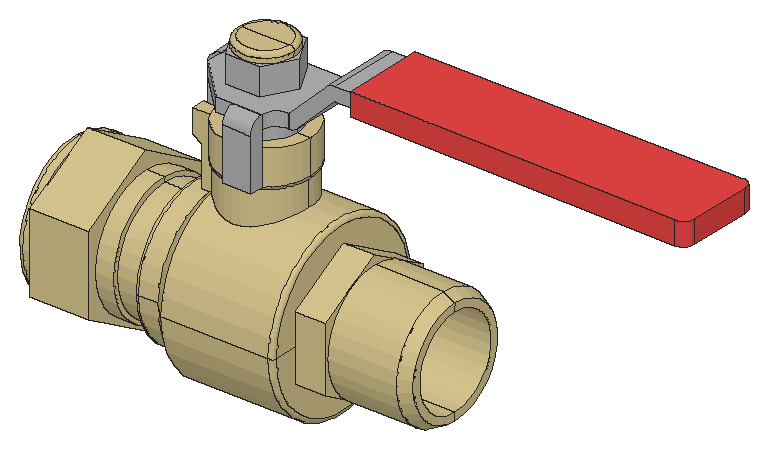
Revit family "QA11130000", category Apparecchi idraulici, Revit 2016
Family settings
  Tipo di parte = Normale
  Quota connettore circolare = Usa diametro
  Numero OmniClass = 23.45.00.00
  Titolo OmniClass = Sanitary, Laundry, and Cleaning Equipment
  Basato su piano di lavoro = No
  Sempre verticale = Sì
  Taglio con vuoti quando caricato = No
  Condiviso = No
  Punto di calcolo locali = No
Parameters
  URL = "https://web.cimberio.it/index.php/figura/1047?subcategoria_id=42864"
  Produttore = "CIMBERIO SPA"
  DN Model [instance] = QA11133137 : QA11133137
  DN [instance] = 20 mm
Reference planes
  plane 1 "Centro (Fronte/Retro)": y = 0
  plane 2: z = 0
  plane 3 "Centro (Sinistra/Destra)": x = 0
Dimensions and locks
  aligned and locked: level to plane 2
Nested families
  nested 1: "QA11133137" at (0, 0, 0), type <- "DN Model", type "QA11133137"
    with DN 10 mm
  nested 2: "QA11133137" at (0, 0, 0), type <- "DN Model", type "QA11133137"
    with DN 10 mm
  nested 3: "QA11133137" at (0, 0, 0), type <- "DN Model", type "QA11133137"
    with DN 10 mm
  nested 4: "QA11133137" at (0, 0, 0), type <- "DN Model", type "QA11133137"
    with DN 10 mm
  nested 5: "QA11133137" at (0, 0, 0), type <- "DN Model", type "QA11133137"
    with DN 10 mm
  nested 6: "QA11133137" at (0, 0, 0), type <- "DN Model", type "QA11133137"
    with DN 10 mm
  nested 7: "QA11133137" at (0, 0, 0), type <- "DN Model", type "QA11133137"
    with DN 10 mm
  nested 8: "QA11133137" at (0, 0, 0), type <- "DN Model", type "QA11133137"
    with DN 10 mm
  nested 9: "QA11133137" at (0, 0, 0), type <- "DN Model", type "QA11133137"
    with DN 10 mm
  nested 10: "QA11133137" at (0, 0, 0), type <- "DN Model", type "QA11133137"
    with DN 10 mm
Connectors
  piping at (42.1, 0, 0), diameter 20, driven by "DN"
    settings: on nested 1, index 1, connector inside diameter 609.6 mm, connector length 0 mm, flow factor 0, pipe flow 0.0 L/s, pressure drop 0.0 Pa, fitting loss kfactor 0, connector angle 0.00°, fixture units 0, engagement length 0 mm, angle of deflection 0.00°, flow configuration 0, flow direction 0, fitting loss method 0, system type 7, joint type 0, gender type 0, connector reference index -1, connector utility 0, adjustable connector no, is connector primary yes, connector description ""
  piping at (-39.7, 0, 0), diameter 20, driven by "DN"
    settings: on nested 1, index 2, connector inside diameter 609.6 mm, connector length 0 mm, flow factor 0, pipe flow 0.0 L/s, pressure drop 0.0 Pa, fitting loss kfactor 0, connector angle 0.00°, fixture units 0, engagement length 0 mm, angle of deflection 0.00°, flow configuration 0, flow direction 0, fitting loss method 0, system type 7, joint type 0, gender type 0, connector reference index -1, connector utility 0, adjustable connector no, is connector primary no, connector description ""
Definition of nested family "QA11133137"
  Parameters (values of type "QA11133137")
    DN [instance] = 10 mm  # constant formula
  Reference planes
    plane 1 "Centro (Fronte/Retro)": y = 0
    plane 2: z = 0
    plane 3 "Centro (Sinistra/Destra)": x = 0
  Forms (mm)
    Revolve 1, solid
      sketch origin (0, 0, 0) x (1, 0, 0) y (0, 1, 0)
        loop
          line (-16.5, 10) -> (17.1, 10) -> (17.1, 18.5)
          arc (17.1, 18.5) -> (16.807, 19.207) -> (16.1, 19.5) r 1
          line (16.1, 19.5) -> (-7.75, 19.5) -> (-11.25, 16) -> (-15.5, 16)
          arc (-15.5, 16) -> (-16.207, 15.707) -> (-16.5, 15) r 1
          line (-16.5, 15) -> (-16.5, 10)
        axis (-16.5, 0) -> (17.1, 0)
      angle from 0 to 360
    Revolve 2, solid
      sketch origin (0, 0, 4) x (1, 0, 0) y (0, 0, 1)
        loop
          line (0.063, 29.44) -> (0.063, 11.623) -> (9.5, 11.623) -> (9.5, 21)
          arc (9.5, 21) -> (9.863, 21.294) -> (10, 21.742) r 0.8
          line (10, 21.742) -> (10, 29.44) -> (0.063, 29.44)
        axis (0.063, 11.623) -> (0.063, 29.44)
      angle from 0 to 360
    Extrusion 3, solid
      sketch origin (0, 0, 4) x (1, 0, 0) y (0, 0, 1)
        loop
          line (-15, 27.274) -> (-15, 22) -> (-13, 20.845) -> (-13, 10.345) -> (-7.86, 10.345) -> (-7.86, 27.274) -> (-15, 27.274)
      from -1.5 to 1.5
    Revolve 4, solid
      sketch origin (0, 0, 4) x (1, 0, 0) y (0, 0, 1)
        loop
          line (0, 35.242) -> (-6.985, 35.242) -> (-6.985, 29.321) -> (0, 29.321) -> (0, 35.242)
        axis (0, 35.242) -> (0, 29.321)
      angle from 0 to 360
    Revolve 5, solid
      sketch origin (0, 0, 0) x (1, 0, 0) y (0, 0, 1)
        loop
          line (-17.5, 13.25) -> (-22.5, 13.25) -> (-22.5, 14.25) -> (-28.583, 14.25) -> (-28.583, 10) -> (-16.5, 10) -> (-16.5, 14.25)
          arc (-16.5, 14.25) -> (-16.793, 13.543) -> (-17.5, 13.25) r 1
        axis (-16.5, 0) -> (-28.583, 0)
      angle from 0 to 360
    Extrusion 6, solid
      sketch origin (-11, 0, 0) x (0, 0, 1) y (0, 1, 0)
        loop
          circle (0, 0) r 10
        loop
          line (18, 0) -> (8.762, 16) -> (-8.762, 16) -> (-18, 0) -> (-8.762, -16) -> (8.762, -16) -> (18, 0)
      from 15.7 to 28.7
    Revolve 7, solid
      sketch origin (0, 0, 0) x (1, 0, 0) y (0, 0, 1)
        loop
          line (-39.7, 15.85) -> (-41.45, 15.85)
          arc (-41.45, 15.85) -> (-42.334, 15.484) -> (-42.7, 14.6) r 1.25
          line (-42.7, 14.6) -> (-42.7, 10) -> (-39.7, 10) -> (-39.7, 15.85)
        axis (-42.7, 0) -> (-39.7, 0)
      angle from 0 to 360
    Extrusion 8, solid
      sketch origin (-11, 0, 0) x (0, 0, 1) y (0, 1, 0)
        loop
          circle (0, 0) r 10
        loop
          line (15, 0) -> (7.206, 13.5) -> (-7.206, 13.5) -> (-15, 0) -> (-7.206, -13.5) -> (7.206, -13.5) -> (15, 0)
      from -35.1 to -28.1
    Revolve 9, solid
      sketch origin (0, 0, 0) x (1, 0, 0) y (0, 0, 1)
        loop
          line (24.1, 13.125) -> (24.1, 10) -> (42.1, 10) -> (42.1, 11.682) -> (39.6, 13.125) -> (24.1, 13.125)
        axis (24.1, 0) -> (42.1, 0)
      angle from 0 to 360
    Extrusion 10, solid
      sketch origin (0, 0, 0) x (1, 0, 0) y (0, 0, 1)
        loop
          line (11.5, 42.2) -> (11.5, 39.2)
          arc (11.5, 39.2) -> (12.649, 39.429) -> (13.623, 40.081) r 3
          line (13.623, 40.081) -> (21.743, 48.2) -> (25.997, 48.2) -> (25.997, 51.2) -> (21.745, 51.2)
          arc (21.745, 51.2) -> (20.596, 50.972) -> (19.621, 50.321) r 3
          line (19.621, 50.321) -> (11.5, 42.2)
      from -8 to 8
    Extrusion 11, solid
      sketch origin (0, 0, 28.55) x (1, 0, 0) y (0, 1, 0)
        loop
          line (-11.199, 8) -> (-11.199, -2.301) -> (-2.301, -11.199) -> (8, -11.199)
          arc (8, -11.199) -> (8.991, -8.769) -> (11.5, -8) r 3.06
          line (11.5, -8) -> (11.5, 8) -> (-11.199, 8)
      from 10.649 to 13.65
    Extrusion 12, solid
      sketch origin (0, 0, 0) x (1, 0, 0) y (0, 0, 1)
        loop
          arc (-11.199, 42.2) -> (-13.321, 41.321) -> (-14.2, 39.199) r 3.001
          line (-14.2, 39.199) -> (-14.2, 27.769) -> (-11.199, 27.769) -> (-11.199, 42.2)
      from -8 to -1.5
    Extrusion 13, solid
      sketch origin (0, 0, 28.55) x (1, 0, 0) y (0, 1, 0)
        loop
          line (-7.534, 0) -> (-3.767, -6.525) -> (3.767, -6.525) -> (7.534, 0) -> (3.767, 6.525) -> (-3.767, 6.525) -> (-7.534, 0)
      from 13.65 to 19.65
    Revolve 14, solid
      sketch origin (0, 0, 0) x (1, 0, 0) y (0, 0, 1)
        loop
          arc (6.25, 49.2) -> (5.957, 49.907) -> (5.25, 50.2) r 1
          line (5.25, 50.2) -> (0, 50.2) -> (0, 48.2) -> (6.25, 48.2) -> (6.25, 49.2)
        axis (0, 50.2) -> (0, 48.2)
      angle from 0 to 360
    Extrusion 15, solid
      sketch origin (-11, 0, 0) x (0, 0, 1) y (0, 1, 0)
        loop
          line (42.2, -11.199) -> (27.698, -11.199) -> (27.698, -14.2) -> (39.199, -14.2)
          arc (39.199, -14.2) -> (41.321, -13.321) -> (42.2, -11.199) r 3.001
      from -19 to -12.7
    Extrusion 16, solid
      sketch origin (0, 0, 28.55) x (1, 0, 0) y (0, 1, 0)
        loop
          line (25.997, 9) -> (25.997, -9) -> (98.499, -9.505)
          arc (98.499, -9.505) -> (100.266, -8.773) -> (100.997, -7.006) r 2.499
          line (100.997, -7.006) -> (100.997, 6.989)
          arc (100.997, 6.989) -> (100.26, 8.769) -> (98.48, 9.506) r 2.517
          line (98.48, 9.506) -> (25.997, 9)
      from 18.65 to 23.65
  Dimensions and locks
    aligned and locked: level to plane 2
